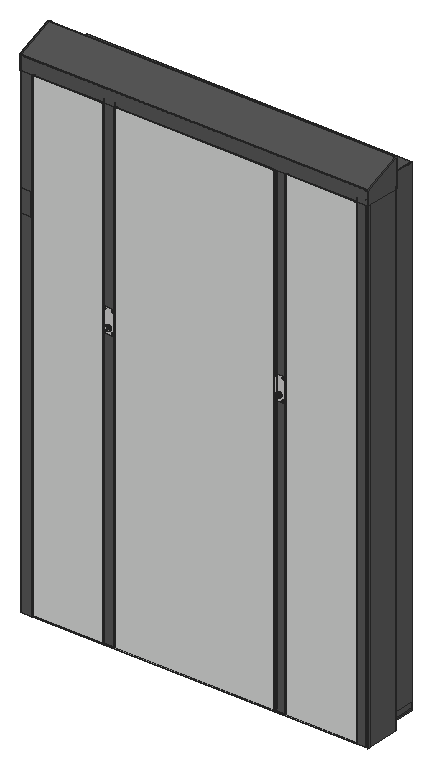
Revit family "98R031324", category Furniture, host Wall, Revit 2019
Family settings
  Host = Wall
  Always vertical = Yes
  Cut with Voids When Loaded = No
  Shared = No
  Room Calculation Point = No
Parameters (values of type "98R031324")
  V-CL-7 = no
  V-CL-5 = yes
  V-CL-2 = no
  V-CL-1 = yes
  V-4.5-1 = no
  URL = "https://palmerhamilton.com/"
  Type Comments = "Wall Pocket"  # constant formula
  Top Frame F-H = 0' - 2 77/256"
  Top Frame D = 0' - 6 1/16"
  Top Frame B-H = 0' - 4 45/64"
  Table Top Laminate [instance] = Laminate, Non-Logo
  Table Closed [instance] = yes
  T-Edge-Dist = 0' - 0 1/2"
  Side Ch = 0' - 5 1/2"
  Product = "https://palmerhamilton.com/product/wall-pockets/"
  Model = "98R031324"
  Metal Frame [instance] = Frame, Powder Coat, Black
  Manufacturer = "Palmer Hamilton"  # constant formula
  Lockset [instance] = Frame, Powder Coat, Silver Metallic
  H-CL-10"L-1 = yes
  Edge Ext-Dist = 0' - 0.445"
  Double Retro-Fit = yes
  Description = "Partially Recessed 13.5' double depth, 2\" side flange"
  Depth = 0' - 11 1/2"
  Cover ADJ = 0' - 6"
  Bench Top Laminate [instance] = Laminate, Non-Logo
  36W CL = no
Reference planes (in)
  plane 1: y = 0
  plane 2 "Center (Left/Right)": x = 0
  plane 3 "Wall Edge": y = 3
Lines and regions (in)
  Opening 1
    outline origin (-60, -3, 0) x (1, 0, 0) y (0, 0, 1)
      loop
        line (30.74495, 0) -> (89.25305, 0) -> (89.25305, 84.84784) -> (30.74495, 84.84784) -> (30.74495, 0)
Text (in)
  text "Placement Side" at (0, 40.15149, 123.01588), in view "Right"
  text "Placement Side" at (-70.3804, 28.46503, 0), in view "Ref. Level"
  text "Placement Side" at (0, 81.62555, 140.59947), in view "Left"
Dimensions and locks (in)
  locked: plane 3 "Wall Edge" to host wall
  aligned and locked: host wall to nested 1
Nested families (in)
  nested 1: "8XR0313XX" at (201.75035, -32.21102, 0.24656), Table Closed <- "Table Closed", type "88R031312"
    with Table Closed yes
Definition of nested family "8XR0313XX"
  Parameters (values of type "-")
    V-CL-7 = no
    V-CL-6 = no
    V-CL-5 = yes
    URL = ""
    Type Comments = ""
    Top Frame F-H = 0' - 2 77/256"
    Top Frame D = 0' - 6 1/16"
    Top Frame B-H = 0' - 4 45/64"
    Thrid Retro-Fit = no
    Table Top Laminate = none
    Table Closed [instance] = no
    T-Edge-Dist = 0' - 0 1/2"
    Single Retro Fit = no
    Side Ch = 0' - 5 1/2"
    Salvage or Reuse = yes
    Product Documentation Link = ""
    Percentage of Recycled Content = 0
    Model = ""
    Metal Frame = none
    Manufacturer = ""
    Low Emitting Material = yes
    Low Emitting Finish = yes
    Lockset = none
    Keynote = ""
    Head Pice H = 7' - 9.99656"
    H-CL-16"L-2 = no
    H-CL-16"L-1 = no
    H-CL-10"L-1 = no
    Four Retro-Fit = no
    Edge Ext-Dist = 0' - 0.445"
    Double Retro-Fit = yes
    Description = ""
    Depth = 0' - 11 1/2"
    Cost = 0
    V-CL-4 = no
    V-CL-3 = no
    V-CL-2 = no
    V-CL-1 = yes
    Bench Top Laminate = none
    Assembly Code = ""
    V-4.5-3 = no
    V-4.5-2 = no
    V-4.5-1 = no
    48W CL = no
    36W CL = no
  Reference planes (in)
    plane 1: z = 0
    plane 2: y = 23.15121
    plane 3: y = 34.71102
    plane 4: y = 34.65122
    plane 5: y = 23.21102
    plane 6: y = 34.62968
    plane 7: y = 34.56628
    plane 8: x = -201.75
    plane 9: y = 23.59621
    plane 10: y = 23.80207
    plane 11: z = 93.99656
    plane 12: y = 29.15122
    plane 13: y = 29.21102
  Forms (in)
    Extrusion 1, solid, material <- "Metal Frame"
      sketch origin (0.95313, 0.00001, 60.5) x (1, 0, 0) y (0, 1, 0)
        loop
          line (-231.76562, 23.20901) -> (-230.26562, 23.20901) -> (-230.26562, 23.33061) -> (-231.76562, 23.33061) -> (-231.76562, 23.20901)
      from -0.25344 to 3.53656
    Extrusion 2, solid, material <- "Lockset"
      sketch origin (-216.13941, 23.15121, 42.90461) x (0, 0, 1) y (-1, 0, 0)
        loop
          line (8.25344, -0.6875) -> (8.25344, 0.6875)
          arc (8.25344, 0.6875) -> (8.18021, 0.86428) -> (8.00344, 0.9375) r 0.25
          line (8.00344, 0.9375) -> (4.50344, 0.9375)
          arc (4.50344, 0.9375) -> (4.32666, 0.86428) -> (4.25344, 0.6875) r 0.25
          line (4.25344, 0.6875) -> (4.25344, -0.6875)
          arc (4.25344, -0.6875) -> (4.32666, -0.86428) -> (4.50344, -0.9375) r 0.25
          line (4.50344, -0.9375) -> (8.00344, -0.9375)
          arc (8.00344, -0.9375) -> (8.18021, -0.86428) -> (8.25344, -0.6875) r 0.25
      from -0.0598 to 0
    Revolve 3, solid, material <- "Lockset"
      sketch origin (-216.13918, 5.51162, 35.27961) x (0, -1, 0) y (0, 0, -1)
        loop
          line (-17.34621, -12.87835) -> (-17.63958, -12.87835) -> (-17.63958, -13.31444) -> (-17.49876, -13.31444) -> (-17.40532, -13.26049) -> (-17.40532, -13.22958) -> (-17.37337, -13.22958) -> (-17.34621, -13.21389) -> (-17.34621, -12.87835)
        axis (-17.34621, -12.87835) -> (-17.63958, -12.87835)
      angle from 0 to 360
    Extrusion 4, void
      sketch origin (-216.13918, 22.85783, 48.15796) x (0, 0, 1) y (-1, 0, 0)
        loop
          line (-0.04588, 0.04619) -> (-0.22265, -0.13059) -> (-0.13073, -0.22251) -> (0.04605, -0.04573) -> (-0.04588, 0.04619)
      from -0.11757 to 0.00802
    Revolve 5, solid, material <- "Lockset"
      sketch origin (-216.82571, 5.51162, 50.52961) x (0, -1, 0) y (0, 0, -1)
        loop
          line (-17.66107, 3.30931) -> (-17.62548, 3.18576) -> (-17.67209, 3.18576) -> (-17.67209, 3.12268) -> (-17.63958, 3.12268) -> (-17.63958, 3.17893) -> (-17.60663, 3.17893)
          arc (-17.60663, 3.17893) -> (-17.59142, 3.18694) -> (-17.58851, 3.20388) r 0.01945
          line (-17.58851, 3.20388) -> (-17.62944, 3.30931) -> (-17.66107, 3.30931)
        axis (-17.67209, 3.12268) -> (-17.58851, 3.12268)
      angle from 0 to 360
    Revolve 6, solid, material <- "Lockset"
      sketch origin (-215.45312, 5.51162, 50.52961) x (0, -1, 0) y (0, 0, 1)
        loop
          line (-17.66107, -3.30931) -> (-17.62944, -3.30931) -> (-17.58851, -3.20388)
          arc (-17.58851, -3.20388) -> (-17.59142, -3.18694) -> (-17.60663, -3.17893) r 0.01945
          line (-17.60663, -3.17893) -> (-17.63958, -3.17893) -> (-17.63958, -3.12268) -> (-17.67209, -3.12268) -> (-17.67209, -3.18576) -> (-17.62548, -3.18576) -> (-17.66107, -3.30931)
        axis (-17.67209, -3.12268) -> (-17.58851, -3.12268)
      angle from 0 to 360
    Extrusion 7, solid, material <- "Lockset"
      sketch origin (-187.36012, 23.15121, 42.90461) x (0, 0, 1) y (-1, 0, 0)
        loop
          arc (8.25344, 0.6875) -> (8.18021, 0.86428) -> (8.00344, 0.9375) r 0.25
          line (8.00344, 0.9375) -> (4.50344, 0.9375)
          arc (4.50344, 0.9375) -> (4.32666, 0.86428) -> (4.25344, 0.6875) r 0.25
          line (4.25344, 0.6875) -> (4.25344, -0.6875)
          arc (4.25344, -0.6875) -> (4.32666, -0.86428) -> (4.50344, -0.9375) r 0.25
          line (4.50344, -0.9375) -> (8.00344, -0.9375)
          arc (8.00344, -0.9375) -> (8.18021, -0.86428) -> (8.25344, -0.6875) r 0.25
          line (8.25344, -0.6875) -> (8.25344, 0.6875)
      from -0.0598 to 0
    Revolve 8, solid, material <- "Lockset"
      sketch origin (-187.36035, 5.51162, 35.27961) x (0, -1, 0) y (0, 0, 1)
        loop
          line (-17.34621, 12.87835) -> (-17.34621, 13.21389) -> (-17.37337, 13.22958) -> (-17.40532, 13.22958) -> (-17.40532, 13.26049) -> (-17.49876, 13.31444) -> (-17.63958, 13.31444) -> (-17.63958, 12.87835) -> (-17.34621, 12.87835)
        axis (-17.34621, 12.87835) -> (-17.63958, 12.87835)
      angle from 0 to 360
    Revolve 9, solid, material <- "Lockset"
      sketch origin (-186.67382, 5.51162, 50.52961) x (0, -1, 0) y (0, 0, 1)
        loop
          line (-17.66107, -3.30931) -> (-17.62944, -3.30931) -> (-17.58851, -3.20388)
          arc (-17.58851, -3.20388) -> (-17.59142, -3.18694) -> (-17.60663, -3.17893) r 0.01945
          line (-17.60663, -3.17893) -> (-17.63958, -3.17893) -> (-17.63958, -3.12268) -> (-17.67209, -3.12268) -> (-17.67209, -3.18576) -> (-17.62548, -3.18576) -> (-17.66107, -3.30931)
        axis (-17.67209, -3.12268) -> (-17.58851, -3.12268)
      angle from 0 to 360
    Revolve 10, solid, material <- "Lockset"
      sketch origin (-188.04641, 5.51162, 50.52961) x (0, -1, 0) y (0, 0, -1)
        loop
          line (-17.66107, 3.30931) -> (-17.62548, 3.18576) -> (-17.67209, 3.18576) -> (-17.67209, 3.12268) -> (-17.63958, 3.12268) -> (-17.63958, 3.17893) -> (-17.60663, 3.17893)
          arc (-17.60663, 3.17893) -> (-17.59142, 3.18694) -> (-17.58851, 3.20388) r 0.01945
          line (-17.58851, 3.20388) -> (-17.62944, 3.30931) -> (-17.66107, 3.30931)
        axis (-17.67209, 3.12268) -> (-17.58851, 3.12268)
      angle from 0 to 360
    Extrusion 11, solid, material <- "Metal Frame"
      sketch origin (-1.5625, 0, 0) x (1, 0, 0) y (0, 1, 0)
        loop
          arc (-170.99461, 23.21102) -> (-170.91003, 23.24605) -> (-170.875, 23.33063) r 0.11961
          line (-170.875, 23.33063) -> (-170.875, 23.59621) -> (-170.9348, 23.59621) -> (-170.9348, 23.32994)
          arc (-170.9348, 23.32994) -> (-170.95212, 23.28814) -> (-170.99392, 23.27082) r 0.05912
          line (-170.99392, 23.27082) -> (-172.80144, 23.27082)
          arc (-172.80144, 23.27082) -> (-172.84432, 23.28858) -> (-172.86208, 23.33146) r 0.06064
          line (-172.86208, 23.33146) -> (-172.86208, 34.59221)
          arc (-172.86208, 34.59221) -> (-172.89687, 34.67622) -> (-172.98088, 34.71102) r 0.11881
          line (-172.98088, 34.71102) -> (-173.86208, 34.71102) -> (-173.86208, 34.65122) -> (-172.98113, 34.65122)
          arc (-172.98113, 34.65122) -> (-172.93923, 34.63386) -> (-172.92188, 34.59196) r 0.05926
          line (-172.92188, 34.59196) -> (-172.92187, 23.33082)
          arc (-172.92187, 23.33082) -> (-172.88679, 23.24611) -> (-172.80208, 23.21102) r 0.1198
          line (-172.80208, 23.21102) -> (-170.99461, 23.21102)
        loop
          line (-171.06417, 29.21102) -> (-172.06957, 29.21102) -> (-172.73977, 29.21102) -> (-172.73977, 34.63386) -> (-172.79957, 34.63386) -> (-172.79957, 29.15122) -> (-172.06957, 29.15122) -> (-171.06417, 29.15122)
          arc (-171.06417, 29.15122) -> (-171.02188, 29.13371) -> (-171.00437, 29.09142) r 0.0598
          line (-171.00437, 29.09142) -> (-171.00437, 23.40061) -> (-170.94457, 23.40061) -> (-170.94457, 29.09142)
          arc (-170.94457, 29.09142) -> (-170.9796, 29.17599) -> (-171.06417, 29.21102) r 0.1196
      from 0 to 82.75
    Extrusion 12, solid, material <- "Metal Frame"
      sketch origin (-219.33731, 23.21101, 41.62156) x (1, 0, 0) y (0, 0, 1)
        loop
          arc (-9.86312, -41.31523) -> (-9.8281, -41.39978) -> (-9.74355, -41.4348) r 0.11957
          line (-9.74355, -41.4348) -> (44.92059, -41.4348)
          arc (44.92059, -41.4348) -> (45.00514, -41.39978) -> (45.04016, -41.31523) r 0.11957
          line (45.04016, -41.31523) -> (45.04016, -40.4348) -> (44.98036, -40.4348) -> (44.98036, -41.3157)
          arc (44.98036, -41.3157) -> (44.96299, -41.35763) -> (44.92106, -41.375) r 0.0593
          line (44.92106, -41.375) -> (-9.74402, -41.375)
          arc (-9.74402, -41.375) -> (-9.78595, -41.35763) -> (-9.80332, -41.3157) r 0.0593
          line (-9.80332, -41.3157) -> (-9.80332, -40.4348) -> (-9.86312, -40.4348) -> (-9.86312, -41.31523)
      from -11.35527 to -1.3098
    Extrusion 13, void
      sketch origin (-201.75, 26.68334, 0.24656) x (-1, 0, 0) y (0, -1, 0)
        loop
          circle (25.3277, -2.88069) r 0.18622
        loop
          circle (11.3902, -2.88069) r 0.18622
        loop
          circle (-11.38975, -2.88069) r 0.18622
        loop
          circle (-25.32258, -2.88069) r 0.18622
      from -0.47754 to 0.1821
    Extrusion 14, solid, material <- "Metal Frame"
      sketch origin (0, 0, 0) x (1, 0, 0) y (0, 1, 0)
        loop
          line (-229.07813, 34.71102) -> (-229.07813, 23.65121) -> (-174.30227, 23.65121) -> (-174.30227, 34.71102) -> (-229.07813, 34.71102)
      from 82.8696 to 82.75
    Extrusion 15, solid, material <- "Metal Frame"
      sketch origin (0, 0, 0) x (1, 0, 0) y (0, 1, 0)
        loop
          line (-229.14062, 34.62968) -> (-229.14062, 34.56628) -> (-217.64305, 34.56628) -> (-217.64305, 34.62968) -> (-229.14062, 34.62968)
        loop
          line (-175.20881, 34.56628) -> (-175.20881, 34.62968) -> (-186.2314, 34.62968) -> (-186.2314, 34.56628) -> (-175.20881, 34.56628)
        loop
          line (-215.0439, 34.56628) -> (-188.2368, 34.56628) -> (-188.2368, 34.62968) -> (-215.0439, 34.62968) -> (-215.0439, 34.56628)
      from 0.18676 to 82.75
    Extrusion 16, void
      sketch origin (-174.53051, 28.93737, 0) x (1, 0, 0) y (0, 0, -1)
        loop
          circle (-53.0778, -69.36847) r 0.25
        loop
          circle (-44.01743, -69.36847) r 0.25
        loop
          circle (-53.0778, -1.36933) r 0.25
        loop
          circle (-44.01743, -1.36933) r 0.25
        loop
          circle (-1.36118, -69.36847) r 0.25
        loop
          circle (-10.42155, -69.36847) r 0.25
        loop
          circle (-1.36118, -1.36933) r 0.25
        loop
          circle (-10.42155, -1.36933) r 0.25
      from -1.71774 to 32.21384
    Extrusion 17, solid, material <- "Metal Frame"
      sketch origin (-10.875, 12.98726, 48.24656) x (0, 1, 0) y (0, 0, 1)
        loop
          line (10.34972, -48.1875) -> (10.35907, -48.24656) -> (11.53355, -48.06055) -> (11.53355, -48) -> (10.34972, -48.1875)
      from -218.14332 to -163.54957
    Revolve 18, solid, material <- "Lockset"
      sketch origin (-216.82571, 5.51162, 47.78649) x (0, -1, 0) y (0, 0, -1)
        loop
          line (-17.66107, -3.30931) -> (-17.62944, -3.30931) -> (-17.58851, -3.20388)
          arc (-17.58851, -3.20388) -> (-17.59142, -3.18694) -> (-17.60663, -3.17893) r 0.01945
          line (-17.60663, -3.17893) -> (-17.63958, -3.17893) -> (-17.63958, -3.12268) -> (-17.67209, -3.12268) -> (-17.67209, -3.18576) -> (-17.62548, -3.18576) -> (-17.66107, -3.30931)
        axis (-17.67209, -3.12268) -> (-17.58851, -3.12268)
      angle from 0 to 360
    Revolve 19, solid, material <- "Lockset"
      sketch origin (-215.45312, 5.51162, 47.78649) x (0, -1, 0) y (0, 0, 1)
        loop
          line (-17.66107, 3.30931) -> (-17.62548, 3.18576) -> (-17.67209, 3.18576) -> (-17.67209, 3.12268) -> (-17.63958, 3.12268) -> (-17.63958, 3.17893) -> (-17.60663, 3.17893)
          arc (-17.60663, 3.17893) -> (-17.59142, 3.18694) -> (-17.58851, 3.20388) r 0.01945
          line (-17.58851, 3.20388) -> (-17.62944, 3.30931) -> (-17.66107, 3.30931)
        axis (-17.67209, 3.12268) -> (-17.58851, 3.12268)
      angle from 0 to 360
    Revolve 20, solid, material <- "Lockset"
      sketch origin (-186.67382, 5.51162, 47.78649) x (0, -1, 0) y (0, 0, 1)
        loop
          line (-17.66107, 3.30931) -> (-17.62548, 3.18576) -> (-17.67209, 3.18576) -> (-17.67209, 3.12268) -> (-17.63958, 3.12268) -> (-17.63958, 3.17893) -> (-17.60663, 3.17893)
          arc (-17.60663, 3.17893) -> (-17.59142, 3.18694) -> (-17.58851, 3.20388) r 0.01945
          line (-17.58851, 3.20388) -> (-17.62944, 3.30931) -> (-17.66107, 3.30931)
        axis (-17.67209, 3.12268) -> (-17.58851, 3.12268)
      angle from 0 to 360
    Revolve 21, solid, material <- "Lockset"
      sketch origin (-188.04641, 5.51162, 47.78649) x (0, -1, 0) y (0, 0, -1)
        loop
          line (-17.66107, -3.30931) -> (-17.62944, -3.30931) -> (-17.58851, -3.20388)
          arc (-17.58851, -3.20388) -> (-17.59142, -3.18694) -> (-17.60663, -3.17893) r 0.01945
          line (-17.60663, -3.17893) -> (-17.63958, -3.17893) -> (-17.63958, -3.12268) -> (-17.67209, -3.12268) -> (-17.67209, -3.18576) -> (-17.62548, -3.18576) -> (-17.66107, -3.30931)
        axis (-17.67209, -3.12268) -> (-17.58851, -3.12268)
      angle from 0 to 360
    Extrusion 22, solid, material <- "Bench Top Laminate", visible <- "Table Closed"
      sketch origin (0, 0, 0) x (1, 0, 0) y (0, 1, 0)
        loop
          line (-230.57812, 23.33146) -> (-217.14035, 23.33146) -> (-217.14035, 23.44338) -> (-230.57812, 23.44338) -> (-230.57812, 23.33146)
      from 0 to 82.07178
    Extrusion 23, solid, material <- "Table Top Laminate", visible <- "Table Closed"
      sketch origin (13.87528, 0, 0) x (1, 0, 0) y (0, 1, 0)
        loop
          line (-229.01562, 23.33146) -> (-202.23437, 23.33146) -> (-202.23437, 23.44338) -> (-229.01562, 23.44338) -> (-229.01562, 23.33146)
      from 0 to 82.07178
    Extrusion 24, solid, material <- "Bench Top Laminate", visible <- "Table Closed"
      sketch origin (42.65653, 0, 0) x (1, 0, 0) y (0, 1, 0)
        loop
          line (-229.01562, 23.33146) -> (-215.5784, 23.33146) -> (-215.5784, 23.44338) -> (-229.01562, 23.44338) -> (-229.01562, 23.33146)
      from 0 to 82.07178
    Extrusion 25, solid, material <- "Metal Frame"
      sketch origin (-401.9402, 0, 0) x (-1, 0, 0) y (0, -1, 0)
        loop
          line (-170.99461, -23.21102) -> (-172.80208, -23.21102)
          arc (-172.80208, -23.21102) -> (-172.88679, -23.24611) -> (-172.92188, -23.33082) r 0.1198
          line (-172.92188, -23.33082) -> (-172.92187, -34.59196)
          arc (-172.92187, -34.59196) -> (-172.93923, -34.63386) -> (-172.98113, -34.65122) r 0.05926
          line (-172.98113, -34.65122) -> (-173.86208, -34.65122) -> (-173.86208, -34.71102) -> (-172.98088, -34.71102)
          arc (-172.98088, -34.71102) -> (-172.89687, -34.67622) -> (-172.86207, -34.59221) r 0.11881
          line (-172.86207, -34.59221) -> (-172.86207, -23.33146)
          arc (-172.86207, -23.33146) -> (-172.84432, -23.28858) -> (-172.80144, -23.27082) r 0.06064
          line (-172.80144, -23.27082) -> (-170.99392, -23.27082)
          arc (-170.99392, -23.27082) -> (-170.95212, -23.28814) -> (-170.9348, -23.32994) r 0.05912
          line (-170.9348, -23.32994) -> (-170.9348, -23.59621) -> (-170.875, -23.59621) -> (-170.875, -23.33063)
          arc (-170.875, -23.33063) -> (-170.91003, -23.24605) -> (-170.99461, -23.21102) r 0.11961
        loop
          arc (-171.06417, -29.21102) -> (-170.9796, -29.17599) -> (-170.94457, -29.09142) r 0.1196
          line (-170.94457, -29.09142) -> (-170.94457, -23.40061) -> (-171.00437, -23.40061) -> (-171.00437, -29.09142)
          arc (-171.00437, -29.09142) -> (-171.02188, -29.13371) -> (-171.06417, -29.15122) r 0.0598
          line (-171.06417, -29.15122) -> (-172.06957, -29.15122) -> (-172.79957, -29.15122) -> (-172.79957, -34.63386) -> (-172.73977, -34.63386) -> (-172.73977, -29.21102) -> (-172.06957, -29.21102) -> (-171.06417, -29.21102)
      from 0 to 82.75
    Extrusion 26, void
      sketch origin (-187.36082, 22.85783, 48.15796) x (0, 0, 1) y (-1, 0, 0)
        loop
          line (-0.04588, -0.04619) -> (0.04605, 0.04573) -> (-0.13073, 0.22251) -> (-0.22265, 0.13059) -> (-0.04588, -0.04619)
      from -0.11757 to 0.00802
  Cuts and joins
    Extrusion 4, Extrusion 26 cuts Revolve 3
    Extrusion 13 cuts Extrusion 12
    Extrusion 16 cuts Extrusion 15
    Extrusion 26 cuts Revolve 8
  Lines and regions (in)
    model lines
      curve 1: line (-227.43242, 34.56628, 37.13645) -> (-218.94805, 34.56628, 37.13645)
      curve 2: line (-227.43242, 34.56628, 32.71458) -> (-227.43242, 34.56628, 37.13645)
      curve 3: line (-218.94805, 34.56628, 32.71458) -> (-227.43242, 34.56628, 32.71458)
      curve 4: line (-218.94805, 34.56628, 37.13645) -> (-218.94805, 34.56628, 32.71458)
      curve 5: line (-205.8543, 34.56628, 37.13645) -> (-197.36992, 34.56628, 37.13645)
      curve 6: line (-205.8543, 34.56628, 32.71458) -> (-205.8543, 34.56628, 37.13645)
      curve 7: line (-197.36992, 34.56628, 32.71458) -> (-205.8543, 34.56628, 32.71458)
      curve 8: line (-197.36992, 34.56628, 37.13645) -> (-197.36992, 34.56628, 32.71458)
      curve 9: line (-204.3543, 34.56628, 27.43333) -> (-198.8543, 34.56628, 27.43333)
      curve 10: line (-204.3543, 34.56628, 23.18333) -> (-204.3543, 34.56628, 27.43333)
      curve 11: line (-198.8543, 34.56628, 23.18333) -> (-204.3543, 34.56628, 23.18333)
      curve 12: line (-198.8543, 34.56628, 27.43333) -> (-198.8543, 34.56628, 23.18333)
      curve 13: line (-184.52617, 34.56628, 37.13645) -> (-176.85017, 34.56628, 37.13645)
      curve 14: line (-184.52617, 34.56628, 32.71458) -> (-184.52617, 34.56628, 37.13645)
      curve 15: line (-176.85017, 34.56628, 32.71458) -> (-184.52617, 34.56628, 32.71458)
      curve 16: line (-176.85017, 34.56628, 37.13645) -> (-176.85017, 34.56628, 32.71458)
  Dimensions and locks (in)
    locked: plane 4 to plane 3 at 0.0598
    "Depth": plane 5 to plane 3
    locked: plane 7 to plane 6 at 0.06341
    locked: plane 6 to plane 4 at 0.02154
    "Edge Ext-Dist": plane 2 to plane 9
    locked: plane 2 to plane 10 at 0.65086
    locked: plane 13 to plane 12 at 0.0598
    "Side Ch": plane 13 to plane 3
    aligned and locked: level to plane 1
    aligned and locked: Extrusion 15 sketch curve to plane 7
    aligned and locked: plane 6 to Extrusion 15 sketch curve
    aligned and locked: nested 1 to cut or joined group of Extrusion 15, Extrusion 16
    aligned and locked: cut or joined group of Extrusion 15, Extrusion 16 to nested 2
    aligned and locked: nested 3 to cut or joined group of Extrusion 15, Extrusion 16
    aligned and locked: cut or joined group of Extrusion 15, Extrusion 16 to nested 4
    aligned and locked: Extrusion 11 sketch curve to plane 9
    aligned and locked: Extrusion 12 to cut or joined group of Extrusion 15, Extrusion 16
  Automatic sketch dimensions
    Extrusion 1 sketch curve to plane 5 = 0' - 0.1196"
    Extrusion 1 sketch curve to Extrusion 1 sketch curve = 0' - 1 1/2"
    plane 5 to Extrusion 1 sketch curve = 0' - 0.002"
    Extrusion 2 sketch curve to plane 11 = 3' - 10.83851"
    Extrusion 2 sketch curve to Extrusion 2 sketch curve = 0' - 0 1/4"  (x3)
    Extrusion 2 sketch curve to Extrusion 2 sketch curve = 0' - 3 1/2"
    Extrusion 2 sketch curve to Extrusion 2 sketch curve = 0' - 0"
    Extrusion 2 sketch curve to Extrusion 2 sketch curve = 0' - 1 3/8"
    Revolve 3 sketch curve to plane 2 = 0' - 0"
    Revolve 3 sketch curve to Revolve 3 sketch curve = 0' - 0.14083"
    Revolve 3 sketch curve to Revolve 3 sketch curve = 0' - 0.09344"
    Revolve 3 sketch curve to Revolve 3 sketch curve = 0' - 0.03194"
    Revolve 3 sketch curve to Revolve 3 sketch curve = 0' - 0.29337"
    Revolve 3 sketch curve to plane 11 = 3' - 9.40251"
    Revolve 3 sketch curve to Revolve 3 sketch curve = 0' - 0.05395"
    Revolve 3 sketch curve to Revolve 3 sketch curve = 0' - 0.03091"
    Revolve 3 sketch curve to Revolve 3 sketch curve = 0' - 0.01568"
    Revolve 3 sketch curve to Revolve 3 sketch curve = 0' - 0.33554"
    Revolve 3 sketch curve to plane 5 = 0' - 0.08257"
    Revolve 3 sketch curve to Revolve 3 sketch curve = 0' - 0"  (x2)
    Revolve 3 to Extrusion 4 sketch curve = 0' - 0.13059"
    Revolve 3 to Extrusion 4 sketch curve = 0' - 0.22251"
    Extrusion 4 sketch curve to Extrusion 4 sketch curve = 0' - 0.09192"
    Extrusion 4 sketch curve to Revolve 3 = 0' - 0.04619"
    Extrusion 4 sketch curve to Extrusion 4 sketch curve = 0' - 0.17678"
    Revolve 5 sketch curve to plane 2 = 0' - 0"
    Revolve 5 sketch curve to plane 2 = 0' - 0.02148"
    plane 5 to Revolve 5 sketch curve = 0' - 0.02731"
    plane 2 to Revolve 5 sketch curve = 0' - 0.01014"
    plane 2 to Revolve 5 sketch curve = 0' - 0.0141"
    Revolve 5 sketch curve to Revolve 5 sketch curve = 0' - 0.01833"
    Revolve 5 sketch curve to Revolve 5 sketch curve = 0' - 0.00053"
    Revolve 5 sketch curve to Revolve 5 sketch curve = 0' - 0.01865"
    Revolve 5 sketch curve to plane 11 = 3' - 10.58963"
    Revolve 5 sketch curve to Revolve 5 sketch curve = 0' - 0.05625"
    Revolve 5 sketch curve to Revolve 5 sketch curve = 0' - 0.00683"
    Revolve 5 sketch curve to Revolve 5 sketch curve = 0' - 0.01944"
    Revolve 5 sketch curve to Revolve 5 sketch curve = 0' - 0.10543"
    Revolve 5 sketch curve to Revolve 5 sketch curve = 0' - 0.00195"
    Revolve 5 sketch curve to Revolve 5 sketch curve = 0' - 0.10577"
    Revolve 5 sketch curve to Revolve 5 sketch curve = 0' - 0"
    Revolve 6 sketch curve to plane 2 = 0' - 0"
    Revolve 6 sketch curve to plane 2 = 0' - 0.02148"
    plane 5 to Revolve 6 sketch curve = 0' - 0.02731"
    plane 2 to Revolve 6 sketch curve = 0' - 0.01014"
    plane 2 to Revolve 6 sketch curve = 0' - 0.0141"
    Revolve 6 sketch curve to Revolve 6 sketch curve = 0' - 0.01833"
    Revolve 6 sketch curve to Revolve 6 sketch curve = 0' - 0.00053"
    Revolve 6 sketch curve to Revolve 6 sketch curve = 0' - 0.01865"
    Revolve 6 sketch curve to plane 11 = 3' - 10.77626"
    Revolve 6 sketch curve to Revolve 6 sketch curve = 0' - 0.10543"
    Revolve 6 sketch curve to Revolve 6 sketch curve = 0' - 0.00551"
    Revolve 6 sketch curve to Revolve 6 sketch curve = 0' - 0.00683"
    Revolve 6 sketch curve to Revolve 6 sketch curve = 0' - 0.06308"
    Revolve 6 sketch curve to Revolve 6 sketch curve = 0' - 0.00195"
    Revolve 6 sketch curve to Revolve 6 sketch curve = 0' - 0.10577"
    Revolve 6 sketch curve to Revolve 6 sketch curve = 0' - 0"
    plane 8 to Extrusion 7 sketch curve = 1' - 1.70238"
    Extrusion 7 sketch curve to plane 11 = 3' - 10.83851"
    Extrusion 7 sketch curve to Extrusion 7 sketch curve = 0' - 0 1/4"  (x3)
    Extrusion 7 sketch curve to Extrusion 7 sketch curve = 0' - 3 1/2"
    Extrusion 7 sketch curve to Extrusion 7 sketch curve = 0' - 0"
    Extrusion 7 sketch curve to Extrusion 7 sketch curve = 0' - 1 3/8"
    Revolve 8 sketch curve to plane 2 = 0' - 0"
    plane 2 to Revolve 8 sketch curve = 0' - 0.14083"
    Revolve 8 sketch curve to Revolve 8 sketch curve = 0' - 0.09344"
    Revolve 8 sketch curve to Revolve 8 sketch curve = 0' - 0.03194"
    plane 2 to Revolve 8 sketch curve = 0' - 0.29337"
    Revolve 8 sketch curve to plane 11 = 3' - 9.8386"
    Revolve 8 sketch curve to Revolve 8 sketch curve = 0' - 0.33554"
    Revolve 8 sketch curve to Revolve 8 sketch curve = 0' - 0.01568"
    Revolve 8 sketch curve to Revolve 8 sketch curve = 0' - 0.03091"
    Revolve 8 sketch curve to Revolve 8 sketch curve = 0' - 0.05395"
    Revolve 8 sketch curve to plane 5 = 0' - 0.08257"
    Revolve 8 sketch curve to Revolve 8 sketch curve = 0' - 0"  (x2)
    Revolve 9 sketch curve to plane 2 = 0' - 0"
    Revolve 9 sketch curve to plane 2 = 0' - 0.02148"
    plane 5 to Revolve 9 sketch curve = 0' - 0.02731"
    plane 2 to Revolve 9 sketch curve = 0' - 0.01014"
    plane 2 to Revolve 9 sketch curve = 0' - 0.0141"
    Revolve 9 sketch curve to Revolve 9 sketch curve = 0' - 0.01833"
    Revolve 9 sketch curve to Revolve 9 sketch curve = 0' - 0.00053"
    Revolve 9 sketch curve to Revolve 9 sketch curve = 0' - 0.01865"
    Revolve 9 sketch curve to plane 11 = 3' - 10.77626"
    Revolve 9 sketch curve to Revolve 9 sketch curve = 0' - 0.10543"
    Revolve 9 sketch curve to Revolve 9 sketch curve = 0' - 0.00551"
    Revolve 9 sketch curve to Revolve 9 sketch curve = 0' - 0.00683"
    Revolve 9 sketch curve to Revolve 9 sketch curve = 0' - 0.06308"
    Revolve 9 sketch curve to Revolve 9 sketch curve = 0' - 0.00195"
    Revolve 9 sketch curve to Revolve 9 sketch curve = 0' - 0.10577"
    Revolve 9 sketch curve to Revolve 9 sketch curve = 0' - 0"
    Revolve 10 sketch curve to plane 2 = 0' - 0"
    Revolve 10 sketch curve to plane 2 = 0' - 0.02148"
    plane 5 to Revolve 10 sketch curve = 0' - 0.02731"
    plane 2 to Revolve 10 sketch curve = 0' - 0.01014"
    plane 2 to Revolve 10 sketch curve = 0' - 0.0141"
    Revolve 10 sketch curve to Revolve 10 sketch curve = 0' - 0.01833"
    Revolve 10 sketch curve to Revolve 10 sketch curve = 0' - 0.00053"
    Revolve 10 sketch curve to Revolve 10 sketch curve = 0' - 0.01865"
    Revolve 10 sketch curve to plane 11 = 3' - 10.58963"
    Revolve 10 sketch curve to Revolve 10 sketch curve = 0' - 0.05625"
    Revolve 10 sketch curve to Revolve 10 sketch curve = 0' - 0.00683"
    Revolve 10 sketch curve to Revolve 10 sketch curve = 0' - 0.01944"
    Revolve 10 sketch curve to Revolve 10 sketch curve = 0' - 0.10543"
    Revolve 10 sketch curve to Revolve 10 sketch curve = 0' - 0.00195"
    Revolve 10 sketch curve to Revolve 10 sketch curve = 0' - 0.10577"
    Revolve 10 sketch curve to Revolve 10 sketch curve = 0' - 0"
    Extrusion 11 sketch curve to Extrusion 11 sketch curve = 0' - 0"  (x3)
    plane 4 to Extrusion 11 sketch curve = 0' - 0"
    plane 3 to Extrusion 11 sketch curve = 0' - 0"
    plane 5 to Extrusion 11 sketch curve = 0' - 0"
    plane 12 to Extrusion 11 sketch curve = 0' - 0"
    plane 13 to Extrusion 11 sketch curve = 0' - 0"
    plane 8 to Extrusion 11 sketch curve = 2' - 2.32542"
    Extrusion 11 sketch curve to plane 7 = 0' - 0.02569"
    Extrusion 11 sketch curve to Extrusion 11 sketch curve = 0' - 0.88094"
    Extrusion 11 sketch curve to Extrusion 11 sketch curve = 0' - 0.00025"
    Extrusion 11 sketch curve to plane 7 = 0' - 0.02594"
    Extrusion 11 sketch curve to Extrusion 11 sketch curve = 0' - 0.06"
    Extrusion 11 sketch curve to Extrusion 11 sketch curve = 0' - 0.00064"
    Extrusion 11 sketch curve to Extrusion 11 sketch curve = 0' - 0 1/16"
    Extrusion 11 sketch curve to Extrusion 11 sketch curve = 0' - 0.0598"  (x3)
    Extrusion 11 sketch curve to Extrusion 11 sketch curve = 0' - 0.67021"
    Extrusion 11 sketch curve to Extrusion 11 sketch curve = 0' - 1.0054"
    Extrusion 11 sketch curve to Extrusion 11 sketch curve = 0' - 0.00976"
    Extrusion 11 sketch curve to Extrusion 11 sketch curve = 0' - 0.00069"
    Extrusion 11 sketch curve to Extrusion 11 sketch curve = 0' - 0.00977"
    Extrusion 11 sketch curve to plane 5 = 0' - 0.0598"
    Extrusion 11 sketch curve to Extrusion 11 sketch curve = 0' - 0.07067"
    Extrusion 11 sketch curve to plane 6 = 0' - 0.00418"
    level to Extrusion 12 sketch curve = 0' - 0.30633"  (x2)
    Extrusion 12 sketch curve to Extrusion 12 sketch curve = 0' - 0.0598"
    Extrusion 12 sketch curve to Extrusion 12 sketch curve = 0' - 0.0593"  (x2)
    Extrusion 12 sketch curve to Extrusion 12 sketch curve = 0' - 0.00047"  (x2)
    plane 8 to Extrusion 12 sketch curve = 2' - 3.33328"
    Extrusion 12 sketch curve to Extrusion 12 sketch curve = 0' - 0.05977"
    Extrusion 12 sketch curve to Extrusion 12 sketch curve = 0' - 0.8809"  (x2)
    Extrusion 13 sketch curve to plane 13 = 0' - 0.35301"  (x4)
    plane 8 to Extrusion 13 sketch curve = 2' - 1.32258"
    plane 8 to Extrusion 13 sketch curve = 0' - 11.38975"
    Extrusion 13 sketch curve to plane 8 = 0' - 11.3902"
    Extrusion 14 sketch curve to plane 3 = 0' - 0"
    Extrusion 14 sketch curve to plane 9 = 0' - 0.055"
    plane 8 to Extrusion 14 sketch curve = 2' - 3.44773"
    Extrusion 15 sketch curve to plane 7 = 0' - 0"
    plane 6 to Extrusion 15 sketch curve = 0' - 0"  (x2)
    plane 7 to Extrusion 15 sketch curve = 0' - 0"
    Extrusion 15 sketch curve to Extrusion 15 sketch curve = 0' - 2.59915"
    plane 8 to Extrusion 15 sketch curve = 1' - 1.5132"
    Extrusion 15 sketch curve to Extrusion 15 sketch curve = 0' - 2.0054"
    Extrusion 15 sketch curve to Extrusion 15 sketch curve = 0' - 11.02258"
    level to Extrusion 16 sketch curve = 0' - 1.36933"  (x4)
    Extrusion 16 sketch curve to Extrusion 16 sketch curve = 0' - 9.06037"  (x4)
    plane 8 to Extrusion 16 sketch curve = 1' - 4.79794"  (x2)
    Extrusion 16 sketch curve to plane 11 = 2' - 0.62809"  (x2)
    Extrusion 16 sketch curve to Extrusion 16 sketch curve = 0' - 0"  (x2)
    curve 16 to Extrusion 15 = 0' - 1.64136"
    curve 14 to Extrusion 15 = 0' - 1.70523"
    Extrusion 15 to curve 8 = 0' - 11.13852"
    curve 7 to curve 11 = 0' - 1 31/64"
    curve 9 to curve 9 = 0' - 5 1/2"
    curve 5 to curve 6 = 0' - 8 31/64"
    curve 6 to curve 4 = 1' - 1 3/32"
    curve 3 to curve 2 = 0' - 8 31/64"
    Extrusion 15 to curve 1 = 3' - 0.94969"
    Extrusion 15 to curve 13 = 3' - 0.94969"
    curve 8 to curve 13 = 0' - 0"
    curve 5 to curve 6 = 0' - 4 27/64"
    curve 1 to curve 4 = 0' - 4 27/64"
    curve 13 to curve 16 = 0' - 4 27/64"
    curve 7 to curve 12 = 0' - 5 9/32"
    curve 9 to curve 10 = 0' - 4 1/4"
    Extrusion 17 sketch curve to level = 0' - 0"
    level to Extrusion 17 sketch curve = 0' - 0.05906"
    Extrusion 17 sketch curve to plane 5 = 0' - 0.12596"
    Extrusion 17 sketch curve to Extrusion 17 sketch curve = 0' - 0.00935"
    level to Extrusion 17 sketch curve = 0' - 0.18602"
    Revolve 18 sketch curve to plane 2 = 0' - 0"
    Revolve 18 sketch curve to plane 2 = 0' - 0.02148"
    plane 5 to Revolve 18 sketch curve = 0' - 0.02731"
    plane 2 to Revolve 18 sketch curve = 0' - 0.01014"
    plane 2 to Revolve 18 sketch curve = 0' - 0.0141"
    Revolve 18 sketch curve to Revolve 18 sketch curve = 0' - 0.01833"
    Revolve 18 sketch curve to Revolve 18 sketch curve = 0' - 0.00053"
    Revolve 18 sketch curve to Revolve 18 sketch curve = 0' - 0.01865"
    Revolve 18 sketch curve to plane 11 = 3' - 6.90077"
    Revolve 18 sketch curve to Revolve 18 sketch curve = 0' - 0.10543"
    Revolve 18 sketch curve to Revolve 18 sketch curve = 0' - 0.00551"
    Revolve 18 sketch curve to Revolve 18 sketch curve = 0' - 0.00683"
    Revolve 18 sketch curve to Revolve 18 sketch curve = 0' - 0.06308"
    Revolve 18 sketch curve to Revolve 18 sketch curve = 0' - 0.00195"
    Revolve 18 sketch curve to Revolve 18 sketch curve = 0' - 0.10577"
    Revolve 18 sketch curve to Revolve 18 sketch curve = 0' - 0"
    Revolve 19 sketch curve to plane 2 = 0' - 0"
    Revolve 19 sketch curve to plane 2 = 0' - 0.02148"
    plane 5 to Revolve 19 sketch curve = 0' - 0.02731"
    plane 2 to Revolve 19 sketch curve = 0' - 0.01014"
    plane 2 to Revolve 19 sketch curve = 0' - 0.0141"
    Revolve 19 sketch curve to Revolve 19 sketch curve = 0' - 0.01833"
    Revolve 19 sketch curve to Revolve 19 sketch curve = 0' - 0.00053"
    Revolve 19 sketch curve to Revolve 19 sketch curve = 0' - 0.01865"
    Revolve 19 sketch curve to plane 11 = 3' - 7.0874"
    Revolve 19 sketch curve to Revolve 19 sketch curve = 0' - 0.05625"
    Revolve 19 sketch curve to Revolve 19 sketch curve = 0' - 0.00683"
    Revolve 19 sketch curve to Revolve 19 sketch curve = 0' - 0.01944"
    Revolve 19 sketch curve to Revolve 19 sketch curve = 0' - 0.10543"
    Revolve 19 sketch curve to Revolve 19 sketch curve = 0' - 0.00195"
    Revolve 19 sketch curve to Revolve 19 sketch curve = 0' - 0.10577"
    Revolve 19 sketch curve to Revolve 19 sketch curve = 0' - 0"
    Revolve 20 sketch curve to plane 2 = 0' - 0"
    Revolve 20 sketch curve to plane 2 = 0' - 0.02148"
    plane 5 to Revolve 20 sketch curve = 0' - 0.02731"
    plane 2 to Revolve 20 sketch curve = 0' - 0.01014"
    plane 2 to Revolve 20 sketch curve = 0' - 0.0141"
    Revolve 20 sketch curve to Revolve 20 sketch curve = 0' - 0.01833"
    Revolve 20 sketch curve to Revolve 20 sketch curve = 0' - 0.00053"
    Revolve 20 sketch curve to Revolve 20 sketch curve = 0' - 0.01865"
    Revolve 20 sketch curve to plane 11 = 3' - 7.0874"
    Revolve 20 sketch curve to Revolve 20 sketch curve = 0' - 0.05625"
    Revolve 20 sketch curve to Revolve 20 sketch curve = 0' - 0.00683"
    Revolve 20 sketch curve to Revolve 20 sketch curve = 0' - 0.01944"
    Revolve 20 sketch curve to Revolve 20 sketch curve = 0' - 0.10543"
    Revolve 20 sketch curve to Revolve 20 sketch curve = 0' - 0.00195"
    Revolve 20 sketch curve to Revolve 20 sketch curve = 0' - 0.10577"
    Revolve 20 sketch curve to Revolve 20 sketch curve = 0' - 0"
    Revolve 21 sketch curve to plane 2 = 0' - 0"
    Revolve 21 sketch curve to plane 2 = 0' - 0.02148"
    plane 5 to Revolve 21 sketch curve = 0' - 0.02731"
    plane 2 to Revolve 21 sketch curve = 0' - 0.01014"
    plane 2 to Revolve 21 sketch curve = 0' - 0.0141"
    Revolve 21 sketch curve to Revolve 21 sketch curve = 0' - 0.01833"
    Revolve 21 sketch curve to Revolve 21 sketch curve = 0' - 0.00053"
    Revolve 21 sketch curve to Revolve 21 sketch curve = 0' - 0.01865"
    Revolve 21 sketch curve to plane 11 = 3' - 6.90077"
    Revolve 21 sketch curve to Revolve 21 sketch curve = 0' - 0.10543"
    Revolve 21 sketch curve to Revolve 21 sketch curve = 0' - 0.00551"
    Revolve 21 sketch curve to Revolve 21 sketch curve = 0' - 0.00683"
    Revolve 21 sketch curve to Revolve 21 sketch curve = 0' - 0.06308"
    Revolve 21 sketch curve to Revolve 21 sketch curve = 0' - 0.00195"
    Revolve 21 sketch curve to Revolve 21 sketch curve = 0' - 0.10577"
    Revolve 21 sketch curve to Revolve 21 sketch curve = 0' - 0"
    plane 9 to Extrusion 22 sketch curve = 0' - 0.15283"
    Extrusion 22 sketch curve to Extrusion 22 sketch curve = 0' - 0.11192"
    plane 9 to Extrusion 23 sketch curve = 0' - 0.15283"
    plane 8 to Extrusion 23 sketch curve = 1' - 1.3909"
    Extrusion 23 sketch curve to Extrusion 23 sketch curve = 0' - 0.11192"
    plane 9 to Extrusion 24 sketch curve = 0' - 0.15283"
    plane 8 to Extrusion 24 sketch curve = 1' - 3.3909"
    Extrusion 24 sketch curve to Extrusion 24 sketch curve = 1' - 1.43722"
    Extrusion 24 sketch curve to Extrusion 24 sketch curve = 0' - 0.11192"
    Extrusion 25 sketch curve to Extrusion 25 sketch curve = 0' - 0"  (x4)
    plane 4 to Extrusion 25 sketch curve = 0' - 0"
    plane 3 to Extrusion 25 sketch curve = 0' - 0"
    plane 5 to Extrusion 25 sketch curve = 0' - 0"
    Extrusion 25 sketch curve to plane 12 = 0' - 0"
    plane 13 to Extrusion 25 sketch curve = 0' - 0"
    Extrusion 25 sketch curve to plane 9 = 0' - 0"
    plane 7 to Extrusion 25 sketch curve = 0' - 0.02569"
    Extrusion 25 sketch curve to Extrusion 25 sketch curve = 0' - 0.88094"
    Extrusion 25 sketch curve to Extrusion 25 sketch curve = 0' - 0.00025"
    plane 7 to Extrusion 25 sketch curve = 0' - 0.02594"
    Extrusion 25 sketch curve to Extrusion 25 sketch curve = 0' - 0.06"
    Extrusion 25 sketch curve to Extrusion 25 sketch curve = 0' - 0.00064"
    Extrusion 25 sketch curve to Extrusion 25 sketch curve = 0' - 0.0598"  (x3)
    Extrusion 25 sketch curve to Extrusion 25 sketch curve = 0' - 0.67021"
    Extrusion 25 sketch curve to Extrusion 25 sketch curve = 0' - 1.0054"
    Extrusion 25 sketch curve to Extrusion 25 sketch curve = 0' - 0.00976"
    Extrusion 25 sketch curve to Extrusion 25 sketch curve = 0' - 0.00069"
    Extrusion 25 sketch curve to Extrusion 25 sketch curve = 0' - 0.00977"
    plane 5 to Extrusion 25 sketch curve = 0' - 0.0598"
    Extrusion 25 sketch curve to Extrusion 25 sketch curve = 0' - 0.07067"
    plane 6 to Extrusion 25 sketch curve = 0' - 0.00418"
    Revolve 3 to Extrusion 26 sketch curve = 2' - 4.64778"
    Revolve 3 to Extrusion 26 sketch curve = 2' - 4.55586"
    Extrusion 26 sketch curve to Extrusion 26 sketch curve = 0' - 0.09192"
    Revolve 3 to Extrusion 26 sketch curve = 2' - 4.82456"
    Extrusion 26 sketch curve to Extrusion 26 sketch curve = 0' - 0.17678"
    Extrusion 1 sketch curve to plane 8 = 2' - 5 1/16"
    Extrusion 2 sketch curve to plane 8 = 1' - 1.45191"
    Extrusion 12 sketch curve to plane 8 = 2' - 3.33085"
    Extrusion 13 sketch curve to Extrusion 13 sketch curve = 1' - 1 15/16"
    Extrusion 14 sketch curve to plane 8 = 2' - 3 21/64"
    Extrusion 15 sketch curve to plane 8 = 1' - 1.2939"
    Extrusion 15 sketch curve to Extrusion 15 sketch curve = 0' - 11.49758"
    Extrusion 16 sketch curve to plane 8 = 1' - 4.79794"  (x2)
    Extrusion 22 sketch curve to plane 8 = 2' - 4 53/64"
    Extrusion 22 sketch curve to Extrusion 22 sketch curve = 1' - 1.43778"
    Extrusion 23 sketch curve to plane 8 = 1' - 1.39035"
    plane 8 to Extrusion 25 sketch curve = 2' - 2 21/64"
    Extrusion 25 sketch curve to Extrusion 25 sketch curve = 0' - 0 1/16"
    radius of Extrusion 13 sketch curve = 0' - 0.18622"  (x4)
    radius of Extrusion 16 sketch curve = 0' - 0 1/4"  (x8)
  Nested families (in)
    nested 1: "Clamp" at (-180.32812, 10.07608, -0.24656), type "Clamp"
    nested 2: "Clamp" at (-223.17187, 10.07608, -0.24656) x (-1, 0, 0) z (0, 0, 1), type "Clamp"
    nested 3: "Clamp1" at (-170.88425, 10.07608, -0.24656), type "Clamp1"
    nested 4: "Clamp1" at (-147.11163, 10.13588, -0.24656), type "Clamp1"
    nested 5: "Clamp2" at (-159, 4.46931, -0.24656), visible <- "36W CL", type "Clamp2"
    nested 6: "Clamp2" at (-180.32813, 4.46931, -0.24656), visible <- "36W CL", type "Clamp2"
    nested 7: "Clamp2" at (-137.59375, 4.46931, -0.24656), visible <- "36W CL", type "Clamp2"
    nested 8: "Clamp2" at (-159, 10.09431, -0.24656), visible <- "36W CL", type "Clamp2"
    nested 9: "14inch" at (-0.00101, 0.00049, 0), visible <- "Double Retro-Fit", type "88R031324"
    nested 10: "Clamp2" at (-180.25, 10.09431, -0.24656), visible <- "36W CL", type "Clamp2"
    nested 11: "Clamp2" at (-137.59375, 10.09431, -0.24656), visible <- "36W CL", type "Clamp2"
    nested 12: "T FRAME" at (0, 0, -3), type "88R031312"
    nested 13: "16H V2" at (-27.32543, 9.28154, 2.15805), visible <- "V-CL-2", type "16H V2"
    nested 14: "16H V7" at (-27.32543, 9.28154, 50.61985), visible <- "V-CL-7", type "16H V7"
    nested 15: "16H V2" at (-376.17438, 9.28154, 2.15805) x (-1, 0, 0) z (0, 0, 1), visible <- "V-CL-2", type "16H V2"
    nested 16: "16H V7" at (-376.17438, 9.28154, 50.61985) x (-1, 0, 0) z (0, 0, 1), visible <- "V-CL-7", type "16H V7"
  Definition of nested family "Clamp"
    Parameters (values of type "Clamp")
      URL = "https://palmerhamilton.com/"
      Type Comments = ""
      TR = none
      Salvage or Reuse = yes
      Product Documentation Link = ""
      Percentage of Recycled Content = 0
      Model = ""
      Manufacturer = "Palmer Hamilton"  # constant formula
      Low Emitting Material = yes
      Low Emitting Finish = yes
      Keynote = ""
      HS Seat Count = 0
      ES Seat Count = 0
      Description = ""
      Depth = 0' - 5 223/256"
      Cost = 0
      Assembly Code = ""
    Reference planes (in)
      plane 1: z = 0
      plane 2: x = -42.75
      plane 3: y = 22.5
    Forms (in)
      Extrusion 1, solid, material <- "TR"
        sketch origin (-43.4375, 24.4902, 79.08906) x (0, 0, -1) y (0, -1, 0)
          loop
            line (0.03, 0.59821) -> (0.03, 0.08869)
            arc (0.03, 0.08869) -> (0.02154, 0.06826) -> (0.00111, 0.0598) r 0.02889
            line (0.00111, 0.0598) -> (-0.595, 0.0598) -> (-0.595, 0) -> (-0.00001, 0)
            arc (-0.00001, 0) -> (0.0635, 0.0263) -> (0.0898, 0.08981) r 0.08981
            line (0.0898, 0.08981) -> (0.0898, 0.59823)
            arc (0.0898, 0.59823) -> (0.09828, 0.61872) -> (0.11877, 0.6272) r 0.02897
            line (0.11877, 0.6272) -> (1.3152, 0.6272)
            arc (1.3152, 0.6272) -> (1.33568, 0.61872) -> (1.34417, 0.59823) r 0.02897
            line (1.34417, 0.59823) -> (1.34417, 0.08981)
            arc (1.34417, 0.08981) -> (1.37047, 0.0263) -> (1.43398, 0) r 0.08981
            line (1.43398, 0) -> (2.02897, 0) -> (2.02897, 0.0598) -> (1.43285, 0.0598)
            arc (1.43285, 0.0598) -> (1.41243, 0.06826) -> (1.40397, 0.08869) r 0.02889
            line (1.40397, 0.08869) -> (1.40397, 0.59821)
            arc (1.40397, 0.59821) -> (1.37796, 0.66099) -> (1.31518, 0.687) r 0.08879
            line (1.31518, 0.687) -> (0.11879, 0.687)
            arc (0.11879, 0.687) -> (0.05601, 0.66099) -> (0.03, 0.59821) r 0.08879
        from -1.375 to 0
      Revolve 2, solid, material <- "TR"
        sketch origin (-42.75, 24.4902, 79.08906) x (0, 0, -1) y (0, -1, 0)
          loop
            arc (0.30706, 0.843) -> (0.24408, 0.81692) -> (0.218, 0.75394) r 0.08906
            line (0.218, 0.75394) -> (0.218, 0.687) -> (0.71837, 0.687) -> (0.71837, 0.843) -> (0.30706, 0.843)
          axis (0.71837, 0.843) -> (0.71837, 0.687)
        angle from 0 to 360
      Extrusion 3, solid, material <- "TR"
        sketch origin (-43.4375, 24.4902, 79.08906) x (0, 0, -1) y (0, -1, 0)
          loop
            line (-3.8328, 1.04244) -> (-3.8328, 1.68848)
            arc (-3.8328, 1.68848) -> (-3.82423, 1.70917) -> (-3.80354, 1.71774) r 0.02926
            line (-3.80354, 1.71774) -> (-2.98205, 1.71774)
            arc (-2.98205, 1.71774) -> (-2.80232, 1.83005) -> (-2.82447, 2.04082) r 0.19997
            line (-2.82447, 2.04082) -> (-3.82271, 3.31851)
            arc (-3.82271, 3.31851) -> (-3.83021, 3.33231) -> (-3.8328, 3.3478) r 0.04758
            line (-3.8328, 3.3478) -> (-3.8328, 3.87855)
            arc (-3.8328, 3.87855) -> (-3.82485, 3.89775) -> (-3.80565, 3.9057) r 0.02715
            line (-3.80565, 3.9057) -> (-2.9705, 3.9057) -> (-2.9705, 3.9804) -> (-3.80423, 3.9804)
            arc (-3.80423, 3.9804) -> (-3.87725, 3.95015) -> (-3.9075, 3.87713) r 0.10327
            line (-3.9075, 3.87713) -> (-3.9075, 3.34456)
            arc (-3.9075, 3.34456) -> (-3.90135, 3.30782) -> (-3.88358, 3.27508) r 0.11285
            line (-3.88358, 3.27508) -> (-2.88255, 1.99382)
            arc (-2.88255, 1.99382) -> (-2.86874, 1.86244) -> (-2.98077, 1.79244) r 0.12464
            line (-2.98077, 1.79244) -> (-3.80145, 1.79244)
            arc (-3.80145, 1.79244) -> (-3.87644, 1.76138) -> (-3.9075, 1.68639) r 0.10605
            line (-3.9075, 1.68639) -> (-3.9075, 1.04244) -> (-3.8328, 1.04244)
        from -2.4375 to 1.0625
    Dimensions and locks (in)
      aligned and locked: level to plane 1
  Definition of nested family "Clamp1"
    Parameters (values of type "Clamp1")
      metal frame = none
      URL = "https://palmerhamilton.com/"
      Type Comments = ""
      Salvage or Reuse = yes
      Product Documentation Link = ""
      Percentage of Recycled Content = 0
      Model = ""
      Manufacturer = "Palmer Hamilton"  # constant formula
      Low Emitting Material = yes
      Low Emitting Finish = yes
      Keynote = ""
      HS Seat Count = 0
      ES Seat Count = 0
      Description = ""
      Depth = 0' - 5 223/256"
      Cost = 0
      Assembly Code = ""
    Reference planes (in)
      plane 1: z = 0
      plane 2: x = -42.75
      plane 3: y = 22.5
    Forms (in)
      Extrusion 1, solid, material <- "metal frame"
        sketch origin (-43.4375, 24.4902, 79.08906) x (0, 0, -1) y (0, -1, 0)
          loop
            line (0.03, 0.59821) -> (0.03, 0.08869)
            arc (0.03, 0.08869) -> (0.02154, 0.06826) -> (0.00111, 0.0598) r 0.02889
            line (0.00111, 0.0598) -> (-0.595, 0.0598) -> (-0.595, 0) -> (-0.00001, 0)
            arc (-0.00001, 0) -> (0.0635, 0.0263) -> (0.0898, 0.08981) r 0.08981
            line (0.0898, 0.08981) -> (0.0898, 0.59823)
            arc (0.0898, 0.59823) -> (0.09828, 0.61872) -> (0.11877, 0.6272) r 0.02897
            line (0.11877, 0.6272) -> (1.3152, 0.6272)
            arc (1.3152, 0.6272) -> (1.33568, 0.61872) -> (1.34417, 0.59823) r 0.02897
            line (1.34417, 0.59823) -> (1.34417, 0.08981)
            arc (1.34417, 0.08981) -> (1.37047, 0.0263) -> (1.43398, 0) r 0.08981
            line (1.43398, 0) -> (2.02897, 0) -> (2.02897, 0.0598) -> (1.43285, 0.0598)
            arc (1.43285, 0.0598) -> (1.41243, 0.06826) -> (1.40397, 0.08869) r 0.02889
            line (1.40397, 0.08869) -> (1.40397, 0.59821)
            arc (1.40397, 0.59821) -> (1.37796, 0.66099) -> (1.31518, 0.687) r 0.08879
            line (1.31518, 0.687) -> (0.11879, 0.687)
            arc (0.11879, 0.687) -> (0.05601, 0.66099) -> (0.03, 0.59821) r 0.08879
        from -1.375 to 0
      Revolve 2, solid, material <- "metal frame"
        sketch origin (-42.75, 24.4902, 79.08906) x (0, 0, -1) y (0, -1, 0)
          loop
            arc (0.30706, 0.843) -> (0.24408, 0.81692) -> (0.218, 0.75394) r 0.08906
            line (0.218, 0.75394) -> (0.218, 0.687) -> (0.71837, 0.687) -> (0.71837, 0.843) -> (0.30706, 0.843)
          axis (0.71837, 0.843) -> (0.71837, 0.687)
        angle from 0 to 360
    Dimensions and locks (in)
      aligned and locked: level to plane 1
  Definition of nested family "Clamp2"
    Parameters (values of type "Clamp2")
      metal frame = none
      URL = "https://palmerhamilton.com/"
      Type Comments = ""
      Salvage or Reuse = yes
      Product Documentation Link = ""
      Percentage of Recycled Content = 0
      Model = ""
      Manufacturer = "Palmer Hamilton"  # constant formula
      Low Emitting Material = yes
      Low Emitting Finish = yes
      Keynote = ""
      HS Seat Count = 0
      ES Seat Count = 0
      Description = ""
      Depth = 0' - 5 223/256"
      Cost = 0
      Assembly Code = ""
    Reference planes (in)
      plane 1: z = 0
      plane 2: x = -42.75
      plane 3: y = 22.5
    Forms (in)
      Extrusion 1, solid, material <- "metal frame"
        sketch origin (-43.4375, 24.4902, 79.08906) x (0, 0, -1) y (0, -1, 0)
          loop
            line (-3.8328, 1.04244) -> (-3.8328, 1.68848)
            arc (-3.8328, 1.68848) -> (-3.82423, 1.70917) -> (-3.80354, 1.71774) r 0.02926
            line (-3.80354, 1.71774) -> (-2.98205, 1.71774)
            arc (-2.98205, 1.71774) -> (-2.80232, 1.83005) -> (-2.82447, 2.04082) r 0.19997
            line (-2.82447, 2.04082) -> (-3.82271, 3.31851)
            arc (-3.82271, 3.31851) -> (-3.83021, 3.33231) -> (-3.8328, 3.3478) r 0.04758
            line (-3.8328, 3.3478) -> (-3.8328, 3.87855)
            arc (-3.8328, 3.87855) -> (-3.82485, 3.89775) -> (-3.80565, 3.9057) r 0.02715
            line (-3.80565, 3.9057) -> (-2.9705, 3.9057) -> (-2.9705, 3.9804) -> (-3.80423, 3.9804)
            arc (-3.80423, 3.9804) -> (-3.87725, 3.95015) -> (-3.9075, 3.87713) r 0.10327
            line (-3.9075, 3.87713) -> (-3.9075, 3.34456)
            arc (-3.9075, 3.34456) -> (-3.90135, 3.30782) -> (-3.88358, 3.27508) r 0.11285
            line (-3.88358, 3.27508) -> (-2.88255, 1.99382)
            arc (-2.88255, 1.99382) -> (-2.86874, 1.86244) -> (-2.98077, 1.79244) r 0.12464
            line (-2.98077, 1.79244) -> (-3.80145, 1.79244)
            arc (-3.80145, 1.79244) -> (-3.87644, 1.76138) -> (-3.9075, 1.68639) r 0.10605
            line (-3.9075, 1.68639) -> (-3.9075, 1.04244) -> (-3.8328, 1.04244)
        from -2.4375 to 1.0625
    Dimensions and locks (in)
      aligned and locked: level to plane 1
  Definition of nested family "14inch"
    Parameters (values of type "-")
      metal frame = none
      URL = ""
      Type Comments = ""
      Salvage or Reuse = yes
      Product Documentation Link = ""
      Percentage of Recycled Content = 0
      Model = ""
      Manufacturer = ""
      Low Emitting Material = yes
      Low Emitting Finish = yes
      Keynote = ""
      Description = ""
      Depth = 0' - 11 1/2"
      Cost = 0
      Assembly Code = ""
    Types (2): name
      -
      88R031324
    Reference planes (in)
      plane 1: z = 0
      plane 2: y = 23.15121
      plane 3: y = 34.71102
      plane 4: y = 34.65122
      plane 5: y = 23.21102
      plane 6: y = 34.62968
      plane 7: y = 34.56628
      plane 8: x = -201.75
    Forms (in)
      Extrusion 1, solid, material <- "metal frame"
        sketch origin (0, 20, 0) x (1, 0, 0) y (0, 1, 0)
          loop
            line (-218.08082, 14.71102) -> (-218.08082, 14.65122) -> (-217.20084, 14.65122)
            arc (-217.20084, 14.65122) -> (-217.15826, 14.63358) -> (-217.14062, 14.591) r 0.06022
            line (-217.14062, 14.591) -> (-217.14062, 3.33115)
            arc (-217.14062, 3.33115) -> (-217.10544, 3.24619) -> (-217.02049, 3.21101) r 0.12014
            line (-217.02049, 3.21101) -> (-215.2589, 3.21101)
            arc (-215.2589, 3.21101) -> (-215.17527, 3.24565) -> (-215.14062, 3.32928) r 0.11827
            line (-215.14062, 3.32928) -> (-215.14062, 3.58601) -> (-215.20042, 3.58601) -> (-215.20042, 3.32832)
            arc (-215.20042, 3.32832) -> (-215.21727, 3.28765) -> (-215.25794, 3.27081) r 0.05752
            line (-215.25794, 3.27081) -> (-217.02127, 3.27081)
            arc (-217.02127, 3.27081) -> (-217.06338, 3.28825) -> (-217.08082, 3.33036) r 0.05956
            line (-217.08082, 3.33036) -> (-217.08082, 14.59184)
            arc (-217.08082, 14.59184) -> (-217.11573, 14.67611) -> (-217.20001, 14.71102) r 0.11918
            line (-217.20001, 14.71102) -> (-218.08082, 14.71102)
        from 0.24656 to 82.75
      Extrusion 2, void
        sketch origin (-217.08082, 25.51162, 41.62156) x (0, -1, 0) y (0, 0, -1)
          loop
            line (-7.14079, -23.9375) -> (-6.51579, -23.9375) -> (-6.51579, -13.125) -> (-7.14079, -13.125) -> (-7.14079, -23.9375)
          loop
            line (-7.14079, 23.375) -> (-6.51579, 23.375) -> (-6.51579, 39.375) -> (-7.14079, 39.375) -> (-7.14079, 23.375)
          loop
            line (0.53632, -4.5625) -> (0.53632, -8.6875)
            arc (0.53632, -8.6875) -> (0.66132, -8.8125) -> (0.78632, -8.6875) r 0.125
            line (0.78632, -8.6875) -> (0.78632, -4.5625)
            arc (0.78632, -4.5625) -> (0.66132, -4.4375) -> (0.53632, -4.5625) r 0.125
        from -0.09105 to 0.1277
      Extrusion 3, solid, material <- "metal frame"
        sketch origin (-403.5, 20, 0) x (-1, 0, 0) y (0, -1, 0)
          loop
            line (-218.08082, -14.71102) -> (-217.20001, -14.71102)
            arc (-217.20001, -14.71102) -> (-217.11573, -14.67611) -> (-217.08082, -14.59184) r 0.11918
            line (-217.08082, -14.59184) -> (-217.08082, -3.33036)
            arc (-217.08082, -3.33036) -> (-217.06338, -3.28825) -> (-217.02127, -3.27081) r 0.05956
            line (-217.02127, -3.27081) -> (-215.25794, -3.27081)
            arc (-215.25794, -3.27081) -> (-215.21727, -3.28765) -> (-215.20042, -3.32832) r 0.05752
            line (-215.20042, -3.32832) -> (-215.20042, -3.58601) -> (-215.14062, -3.58601) -> (-215.14062, -3.32928)
            arc (-215.14062, -3.32928) -> (-215.17527, -3.24565) -> (-215.2589, -3.21101) r 0.11827
            line (-215.2589, -3.21101) -> (-217.02049, -3.21101)
            arc (-217.02049, -3.21101) -> (-217.10544, -3.24619) -> (-217.14062, -3.33115) r 0.12014
            line (-217.14062, -3.33115) -> (-217.14062, -14.591)
            arc (-217.14062, -14.591) -> (-217.15826, -14.63358) -> (-217.20084, -14.65122) r 0.06022
            line (-217.20084, -14.65122) -> (-218.08082, -14.65122) -> (-218.08082, -14.71102)
        from 0.24656 to 82.75
      Extrusion 4, solid, material <- "metal frame"
        sketch origin (-403.5, 20, 0) x (-1, 0, 0) y (0, -1, 0)
          loop
            line (-215.08282, -14.71102) -> (-214.20043, -14.71102) -> (-214.20043, -14.65122) -> (-215.08038, -14.65122)
            arc (-215.08038, -14.65122) -> (-215.12298, -14.63357) -> (-215.14063, -14.59097) r 0.06025
            line (-215.14063, -14.59097) -> (-215.14063, -3.7266)
            arc (-215.14063, -3.7266) -> (-215.15284, -3.67393) -> (-215.187, -3.63203) r 0.1196
            arc (-215.187, -3.63203) -> (-215.19896, -3.61239) -> (-215.20312, -3.58979) r 0.06341
            line (-215.20312, -3.58979) -> (-215.26292, -3.58979)
            arc (-215.26292, -3.58979) -> (-215.25949, -3.61774) -> (-215.2494, -3.64402) r 0.11553
            arc (-215.2494, -3.64402) -> (-215.23535, -3.66547) -> (-215.21763, -3.684) r 0.14049
            arc (-215.21763, -3.684) -> (-215.20489, -3.70363) -> (-215.20042, -3.7266) r 0.06131
            line (-215.20042, -3.7266) -> (-215.20043, -14.59342)
            arc (-215.20043, -14.59342) -> (-215.16598, -14.67658) -> (-215.08282, -14.71102) r 0.1176
        from 0.24656 to 82.75
      Extrusion 5, void
        sketch origin (-184.85667, 25.51162, 41.62156) x (0, -1, 0) y (0, 0, 1)
          loop
            line (-7.14079, 23.9375) -> (-7.14079, 13.125) -> (-6.51579, 13.125) -> (-6.51579, 23.9375) -> (-7.14079, 23.9375)
          loop
            line (-7.14079, -23.375) -> (-7.14079, -39.375) -> (-6.51579, -39.375) -> (-6.51579, -23.375) -> (-7.14079, -23.375)
          loop
            arc (0.53632, 4.5625) -> (0.66132, 4.4375) -> (0.78632, 4.5625) r 0.125
            line (0.78632, 4.5625) -> (0.78632, 8.6875)
            arc (0.78632, 8.6875) -> (0.66132, 8.8125) -> (0.53632, 8.6875) r 0.125
            line (0.53632, 8.6875) -> (0.53632, 4.5625)
        from -0.09105 to 0.1277
      Extrusion 6, void
        sketch origin (-188.42034, 25.51162, 41.62156) x (0, -1, 0) y (0, 0, -1)
          loop
            line (-7.14079, -23.9375) -> (-6.51579, -23.9375) -> (-6.51579, -13.125) -> (-7.14079, -13.125) -> (-7.14079, -23.9375)
          loop
            line (-7.14079, 10.375) -> (-6.51579, 10.375) -> (-6.51579, 39.375) -> (-7.14079, 39.375) -> (-7.14079, 10.375)
          loop
            line (0.53632, -4.5625) -> (0.53632, -8.6875)
            arc (0.53632, -8.6875) -> (0.66132, -8.8125) -> (0.78632, -8.6875) r 0.125
            line (0.78632, -8.6875) -> (0.78632, -4.5625)
            arc (0.78632, -4.5625) -> (0.66132, -4.4375) -> (0.53632, -4.5625) r 0.125
        from -28.6403 to 1.96721
